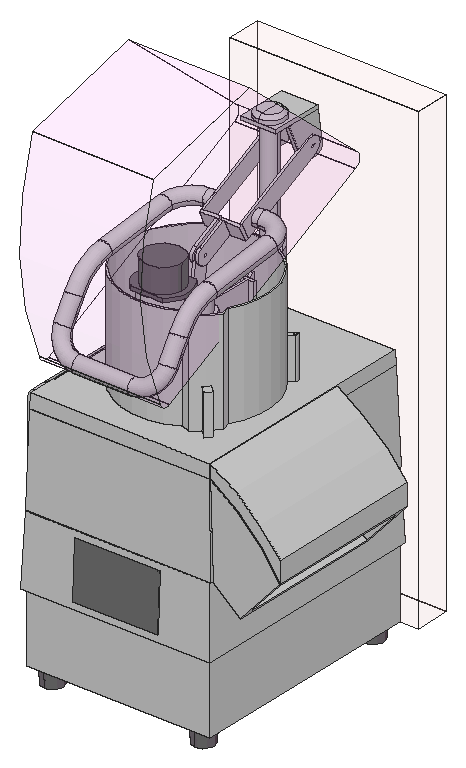
Revit family "Cortadora_CK-48V_1_GENERADO", category Equipos especializados, Revit 2016
Family settings
  Tipo de pieza = Normal
  Cota de conector redondo = Diámetro de uso
  Número OmniClass = 23.21.21.31.15
  Se basa en plano de trabajo = No
  Siempre vertical = Sí
  Corte con vacíos al cargar = No
  Compartido = No
  Punto de cálculo de habitación = No
Parameters
  Width = 0 mm
  Weight in Pounds = 0
  Watts = 0 W
  Volts = 0 V
  URL Cutsheet = ""
  URL = ""
  Specification by Manufacturer = ""
  Show Logo [instance] = yes
  Show Clearances [instance] = yes
  Revision Code = ""
  Phase = 0
  Model = ""
  Height = 0 mm
  HP = ""
  Foodservice Equipment Identifier = yes
  Manufacturer = ""
  FL Amps = 0 A
  Description = ""
  Depth = 0 mm
  Cycle = 0 Hz
  Conn Plug = ""
  Type Comments = ""
Types (4, lengths in mm): name | Width | Weight in Pounds | Watts | Volts | URL Cutsheet | URL | Specification by Manufacturer | Revision Code | Phase | Model | Height | HP | Manufacturer | FL Amps | Description | Depth | Cycle | Conn Plug | Type Comments
  (no name) | 0 | 0 | 0 W | 0 V | "" | "" | "" | "" | 0 | "" | 0 | "" | "" | 0 A | "" | 0 | 0 Hz | "" | ""
  Combi vegetable prep.-cutter CK-48V 230/50-60/1 | 391 | 67.9 | 1500 W | 230 V | "http://www.sammic.com/dl/454811/72a48/ps-en-1050821-combi-ck-48v.pdf" | "https://www.sammic.com/model/1050821" | "It has a variable speed motor block, large-capacity head and 8-lt cutter bowl equipped with a rotor with micro-serrated blades.\nBrushless technology." | "1" | 1 | "1050821" | 652 | "2.01" | "SAMMIC S.L." | 10 A | "Combi vegetable prep.-cutter CK-48V 230/50-60/1" | 400 | 50 Hz | "EU (SCHUKO 2P+G)" | "2 in 1: high capacity vegetable cutter (650 kg/h) + cutter with 8 litre bowl."
  Combi vegetable prep.-cutter CK-48V 120/50-60/1 | 391 | 67.9 | 1500 W | 120 V | "http://www.sammic.com/dl/454812/5b9ab/ps-en-1050822-combi-ck-48v.pdf" | "https://www.sammic.com/model/1050822" | "It has a variable speed motor block, large-capacity head and 8-lt cutter bowl equipped with a rotor with micro-serrated blades.\nBrushless technology." | "1" | 1 | "1050822" | 652 | "2.01" | "SAMMIC S.L." | 15 A | "Combi vegetable prep.-cutter CK-48V 120/50-60/1" | 400 | 60 Hz | "USA (NEMA 5-15P / 2P+G)" | "2 in 1: high capacity vegetable cutter (650 kg/h) + cutter with 8 litre bowl."
  Combi vegetable prep.-cutter CK-48V 230/50-60/1 AUS | 391 | 67.9 | 1500 W | 230 V | "http://www.sammic.com/dl/454813/a198f/ps-en-1050823-combi-ck-48v.pdf" | "https://www.sammic.com/model/1050823" | "It has a variable speed motor block, large-capacity head and 8-lt cutter bowl equipped with a rotor with micro-serrated blades.\nBrushless technology." | "1" | 1 | "1050823" | 652 | "2.01" | "SAMMIC S.L." | 10 A | "Combi vegetable prep.-cutter CK-48V 230/50-60/1 AUS" | 400 | 50 Hz | "AU/NZ (AS 3112 10A / 2P)" | "2 in 1: high capacity vegetable cutter (650 kg/h) + cutter with 8 litre bowl."
Reference planes
  plane 1 "Centro (Frontal/Posterior)": y = 0
  plane 2: z = 0
  plane 3 "Centro (Izquierda/Derecha)": x = 0
  plane 4: x = 357.084
  plane 5: x = -19.1
  plane 6: y = 28.8
  plane 7: through (4267.2, -357.37, 435.938) normal (0, -0.4258, 0.9048)
Forms (mm)
  Extrusion 1, solid
    sketch origin (0, 0, 0) x (1, 0, 0) y (0, 1, 0)
      loop
        line (0, 0) -> (0, -336.5) -> (259.8, -336.5) -> (259.8, 0) -> (0, 0)
    from 21 to 120
  Revolve 2, solid
    sketch origin (23, 0, 0) x (0, 1, 0) y (0, 0, 1)
      loop
        line (-335, 21) -> (-333.5, 0) -> (-319, 0) -> (-319, 21) -> (-335, 21)
      axis (-319, 21) -> (-319, 0)
    angle from 0 to 360
  Revolve 3, solid
    sketch origin (236.8, 0, 0) x (0, 1, 0) y (0, 0, 1)
      loop
        line (-335, 21) -> (-333.5, 0) -> (-319, 0) -> (-319, 21) -> (-335, 21)
      axis (-319, 21) -> (-319, 0)
    angle from 0 to 360
  Revolve 4, solid
    sketch origin (236.8, 301.5, 0) x (0, 1, 0) y (0, 0, 1)
      loop
        line (-335, 21) -> (-333.5, 0) -> (-319, 0) -> (-319, 21) -> (-335, 21)
      axis (-319, 21) -> (-319, 0)
    angle from 0 to 360
  Revolve 5, solid
    sketch origin (23, 301.5, 0) x (0, 1, 0) y (0, 0, 1)
      loop
        line (-335, 21) -> (-333.5, 0) -> (-319, 0) -> (-319, 21) -> (-335, 21)
      axis (-319, 21) -> (-319, 0)
    angle from 0 to 360
  Extrusion 6, solid
    sketch origin (0, 0, 0) x (0, 1, 0) y (0, 0, 1)
      loop
        line (-337.559, 209.463) -> (-338.558, 209.506) -> (-341.99, 129.58) -> (-340.991, 129.537) -> (-337.559, 209.463)
    from 69.9 to 189.9
  Revolve 7, solid
    sketch origin (0, 0, 157) x (1, 0, 0) y (0, 1, 0)
      loop
        line (211.45, 2.8) -> (224.95, 2.8) -> (224.95, 28.8) -> (211.45, 28.8) -> (211.45, 2.8)
      axis (224.95, 28.8) -> (224.95, 2.8)
    angle from 0 to 360
  Extrusion 8, solid
    sketch origin (26.882, -11.283, 5.525) x (1, 0, 0) y (0, 1, 0)
      loop
        circle (103.652, -246.7) r 27.4
    from 510.225 to 549.225
  Extrusion 9, solid
    sketch origin (377.233, -154.331, 5.525) x (0, -1, 0) y (1, 0, 0)
      loop
        arc (74.652, -269.678) -> (103.652, -283.7) -> (132.652, -269.678) r 37
        line (132.652, -269.678) -> (132.652, -223.721)
        arc (132.652, -223.721) -> (103.652, -209.7) -> (74.652, -223.721) r 37
        line (74.652, -223.721) -> (74.652, -269.678)
      loop
        circle (103.652, -246.7) r 27.4
    from 510.225 to 515.225
  Extrusion 10, solid
    sketch origin (0, 0, 0) x (0, 1, 0) y (0, 0, 1)
      loop
        line (-184.25, 195) -> (-184.25, 219) -> (-214.25, 219) -> (-214.25, 195) -> (-211.25, 195) -> (-211.25, 216) -> (-187.25, 216) -> (-187.25, 195) -> (-184.25, 195)
    from -19.1 to -1.647
  Extrusion 11, solid
    sketch origin (0, 0, 0) x (0, 1, 0) y (0, 0, 1)
      loop
        line (-7.849, 596.091) -> (-15.249, 643.55) -> (-66.749, 643.55) -> (-43.086, 590.478)
        arc (-43.086, 590.478) -> (-39.397, 586.162) -> (-33.953, 584.55) r 10
        line (-33.953, 584.55) -> (-17.73, 584.55)
        arc (-17.73, 584.55) -> (-10.133, 588.046) -> (-7.849, 596.091) r 10
      loop
        circle (-28.249, 603.55) r 6.125
    from 150.534 to 155.534
  Extrusion 12, solid
    sketch origin (-45, 0, 0) x (0, 1, 0) y (0, 0, 1)
      loop
        line (-7.849, 596.091) -> (-15.249, 643.55) -> (-66.749, 643.55) -> (-43.086, 590.478)
        arc (-43.086, 590.478) -> (-39.397, 586.162) -> (-33.953, 584.55) r 10
        line (-33.953, 584.55) -> (-17.73, 584.55)
        arc (-17.73, 584.55) -> (-10.133, 588.046) -> (-7.849, 596.091) r 10
      loop
        circle (-28.249, 603.55) r 6.125
    from 150.534 to 155.534
  Extrusion 13, solid
    sketch origin (0, 0, 0) x (0, 1, 0) y (0, 0, 1)
      loop
        line (-88.249, 643.55) -> (-15.249, 643.55) -> (-15.249, 648.55) -> (-88.249, 648.55) -> (-88.249, 643.55)
    from 105.534 to 155.534
  Extrusion 14, solid
    sketch origin (0, 0, 0) x (1, 0, 0) y (0, 1, 0)
      loop
        circle (130.468, -67.749) r 17.5
    from 483.65 to 495.65
  Extrusion 15, solid
    sketch origin (0, 0, 0) x (1, 0, 0) y (0, 1, 0)
      loop
        circle (130.534, -67.749) r 11
    from 495.65 to 643.55
  Revolve 16, solid
    sketch origin (130.468, 0, 0) x (0, 1, 0) y (0, 0, 1)
      loop
        line (-67.749, 658.55) -> (-67.749, 648.55) -> (-47.749, 648.55) -> (-47.749, 653.55) -> (-52.749, 658.55) -> (-67.749, 658.55)
      axis (-67.749, 658.55) -> (-67.749, 648.55)
    angle from 0 to 360
  Extrusion 17, solid
    sketch origin (0, 0, 0) x (0, 1, 0) y (0, 0, 1)
      loop
        arc (-369.948, 444.226) -> (-363.793, 436.882) -> (-354.21, 436.903) r 11.305
        line (-354.21, 436.903) -> (-24.343, 592.126)
        arc (-24.343, 592.126) -> (-16.044, 600.706) -> (-19.741, 612.056) r 11.573
        line (-19.741, 612.056) -> (-211.539, 778.246) -> (-381.288, 735.859)
        arc (-381.288, 735.859) -> (-404.982, 588.901) -> (-369.948, 444.226) r 377.017
    from 45.047 to 216.86
  Extrusion 18, solid
    sketch origin (0, 0, 0) x (0, 1, 0) y (0, 0, 1)
      loop
        line (28.8, 658.55) -> (28.8, 0) -> (78.8, 0) -> (78.8, 658.55) -> (28.8, 658.55)
    from -4.15 to 263.95
Lines and regions (mm)
  symbolic lines, style "200-EquipBorder-2D"
    curve 1: line (238.45, 28.8, 0) -> (211.45, 28.8, 0)
    curve 2: line (211.45, 28.8, 0) -> (211.45, 4.9, 0)
    curve 3: line (211.45, 4.9, 0) -> (-4.15, 4.9, 0)
    curve 4: line (-4.15, 4.9, 0) -> (-4.15, -65.2, 0)
    curve 5: line (-4.15, -65.2, 0) -> (-17.689, -65.2, 0)
    curve 6: line (-17.689, -65.2, 0) -> (-17.689, -85.2, 0)
    curve 7: line (-17.689, -85.2, 0) -> (-4.15, -85.2, 0)
    curve 8: line (-4.15, -85.2, 0) -> (-4.15, -86.2, 0)
    curve 9: line (-4.15, -86.2, 0) -> (-17.689, -86.2, 0)
    curve 10: line (-17.689, -86.2, 0) -> (-17.689, -184.25, 0)
    curve 11: line (-17.689, -184.25, 0) -> (-19.1, -184.25, 0)
    curve 12: line (-19.1, -184.25, 0) -> (-19.1, -214.25, 0)
    curve 13: line (-19.1, -214.25, 0) -> (-17.658, -214.25, 0)
    curve 14: line (-17.658, -214.25, 0) -> (-17.658, -290.7, 0)
    curve 15: line (-17.658, -290.7, 0) -> (-4.15, -290.7, 0)
    curve 16: line (-4.15, -290.7, 0) -> (-4.15, -291.7, 0)
    curve 17: line (-4.15, -291.7, 0) -> (-17.689, -291.7, 0)
    curve 18: line (-17.689, -291.7, 0) -> (-17.689, -311.7, 0)
    curve 19: line (-17.689, -311.7, 0) -> (-4.15, -311.7, 0)
    curve 20: line (-4.15, -311.7, 0) -> (-4.15, -341.4, 0)
    curve 21: line (263.95, -341.4, 0) -> (263.95, -333.216, 0)
    curve 22: line (263.95, -333.216, 0) -> (357.084, -333.216, 0)
    curve 23: line (357.084, -333.216, 0) -> (357.084, -107.816, 0)
    curve 24: line (357.084, -107.816, 0) -> (263.95, -107.816, 0)
    curve 25: line (263.95, -107.816, 0) -> (263.95, 4.9, 0)
    curve 26: line (263.95, 4.9, 0) -> (238.45, 4.9, 0)
    curve 27: line (238.45, 4.9, 0) -> (238.45, 28.8, 0)
    curve 28: line (-4.15, -341.4, 0) -> (45.039, -341.4, 0)
    curve 29: line (263.95, -341.4, 0) -> (216.037, -341.4, 0)
    curve 30: line (90.534, -369.948, 0) -> (170.534, -369.948, 0)
    curve 31: line (45.039, -341.4, 0) -> (58.437, -361.948, 0)
    curve 32: line (58.437, -361.948, 0) -> (90.534, -369.948, 0)
    curve 33: line (216.037, -341.4, 0) -> (170.534, -369.948, 0)
  model lines, style "QF-Door-Drawer_Clearances"
    curve 34: line (45.047, -405.267, 0) -> (216.86, -405.267, 0)
  symbolic lines, style "QF-Clearances"
    curve 35: line (-4.15, 78.8, 0) -> (263.95, 78.8, 0)
Dimensions and locks
  aligned and locked: level to plane 2
Nested families
  nested 1: "Carcasa_CK-35" at (-4.15, 4.9, 0), type "Carcasa_CK-35"
    with Show Logo yes, Show Clearances yes
  nested 2: "CK-35_Cortadora_Entrada" at (0, 0, 0), type "CK-35_Cortadora_Entrada"
    with Show Logo yes, Show Clearances yes
  nested 3: "CA-401_Cortadora_Entrada_Tapa" at (0, 0, 0), type "CA-401_Cortadora_Entrada_Tapa"
    with Show Logo yes, Show Clearances yes
  nested 4: "CA-401_Cortadora_Pisador" at (0, 0, 0), type "CA-401_Cortadora_Pisador"
    with Show Logo yes, Show Clearances yes
  nested 5: "CA-401_Cortadora_Palanca" at (130.534, -209.849, 11.171), type "CA-401_Cortadora_Palanca"
    with Show Logo yes, Show Clearances yes
Connectors
  electrical at (224.95, 2.8, 157)
    settings: on Revolve 7, index 1, voltage 230 V, apparent load 0 VA, apparent load phase1 0 VA, apparent load phase2 0 VA, apparent load phase3 0 VA, power factor 1, load classification "Otro", number of poles 1, system type 31, power factor state 1, is connector primary yes, connector utility no, sub classification motor no, connector description "Conexion electrica"
Definition of nested family "Carcasa_CK-35"
  Parameters
    Show Logo [instance] = yes
    Show Clearances [instance] = yes
  Reference planes
    plane 1 "Centro (Frontal/Posterior)": y = 0
    plane 2: z = 0
    plane 3 "Centro (Izquierda/Derecha)": x = 0
    plane 4: x = 134.05
  Forms (mm)
    Extrusion 1, solid
      sketch origin (0, 0, 0) x (1, 0, 0) y (0, 1, 0)
        loop
          line (0, 0) -> (0, -346.3) -> (268.1, -346.3) -> (268.1, 0) -> (0, 0)
      from 120 to 219
    Extrusion 2, void
      sketch origin (0, 0, 0) x (0, 1, 0) y (0, 0, 1)
        loop
          line (-347.3, 120) -> (-346.3, 120) -> (-342.05, 219) -> (-342.05, 220) -> (-347.3, 220) -> (-347.3, 120)
        loop
          line (0, 120) -> (1, 120) -> (1, 220) -> (-4.25, 220) -> (-4.25, 219) -> (0, 120)
      from 0 to 268.1
    Extrusion 3, void
      sketch origin (0, 0, 0) x (1, 0, 0) y (0, 0, 1)
        loop
          line (-1, 120) -> (0, 120) -> (3.55, 219) -> (3.55, 220) -> (-1, 220) -> (-1, 120)
        loop
          line (268.1, 120) -> (269.1, 120) -> (269.1, 220) -> (264.55, 220) -> (264.55, 219) -> (268.1, 120)
      from 0 to 347.3
    Extrusion 4, solid
      sketch origin (0, 0, 0) x (1, 0, 0) y (0, 1, 0)
        loop
          circle (134.05, -204.15) r 97
      from 219 to 231.5
  Cuts and joins
    Extrusion 2, Extrusion 3 cuts Extrusion 1
  Dimensions and locks
    aligned and locked: level to plane 2
Definition of nested family "CK-35_Cortadora_Entrada"
  Parameters
    Show Logo [instance] = yes
    Show Clearances [instance] = yes
  Reference planes
    plane 1 "Centro (Frontal/Posterior)": y = 0
    plane 2: z = 0
    plane 3 "Centro (Izquierda/Derecha)": x = 0
    plane 4: z = 219
  Forms (mm)
    Extrusion 1, solid
      sketch origin (0, 0, 0) x (1, 0, 0) y (0, 1, 0)
        loop
          line (-1.6, 0.5) -> (-1.6, -337) -> (261.4, -337) -> (261.4, 0.5) -> (-1.6, 0.5)
      from 219 to 348
    Extrusion 2, void
      sketch origin (0, 0, 0) x (1, 0, 0) y (0, 0, 1)
        loop
          line (2.9, 367.3) -> (2.9, 368.3) -> (-2.6, 368.3) -> (-2.6, 218) -> (-1.6, 218) -> (-1.6, 219) -> (2.9, 367.3)
        loop
          line (256.9, 368.3) -> (256.9, 367.3) -> (261.4, 219) -> (261.4, 218) -> (262.4, 218) -> (262.4, 368.3) -> (256.9, 368.3)
      from 0 to 337
    Extrusion 3, void
      sketch origin (0, 0, 0) x (0, 1, 0) y (0, 0, 1)
        loop
          line (-332.65, 367.3) -> (-332.65, 368.3) -> (-338, 368.3) -> (-338, 218) -> (-337, 218) -> (-337, 219) -> (-332.65, 367.3)
        loop
          line (-3.85, 367.3) -> (0, 219) -> (0, 218) -> (1.5, 218) -> (1.5, 368.3) -> (-3.85, 368.3) -> (-3.85, 367.3)
      from -1.6 to 261.4
    Extrusion 4, solid
      sketch origin (0, 0, 0) x (1, 0, 0) y (0, 0, 1)
        loop
          line (261.4, 219) -> (301, 185.8) -> (357.084, 248.401)
          arc (357.084, 248.401) -> (313.501, 304.417) -> (257.486, 348) r 286.5
          line (257.486, 348) -> (261.4, 219)
      from 107.816 to 333.216
    Extrusion 5, void
      sketch origin (0, 0, 0) x (1, 0, 0) y (0, 0, 1)
        loop
          line (262.77, 338.706) -> (266.33, 221.392) -> (308.172, 186.312) -> (356.653, 240.426)
          arc (356.653, 240.426) -> (315.239, 294.846) -> (262.77, 338.706) r 305.9
      from 112.816 to 328.216
    Extrusion 6, solid
      sketch origin (0, 0, 0) x (1, 0, 0) y (0, 0, 1)
        loop
          line (-0.426, 257.7) -> (2.314, 348)
          arc (2.314, 348) -> (-7.687, 358.002) -> (-17.689, 348) r 10.002
          line (-17.689, 348) -> (-17.689, 282.8) -> (-0.426, 257.7)
        loop
          circle (-7.687, 348) r 5
      from 291.7 to 311.7
    Extrusion 7, solid
      sketch origin (0, 231.5, 0) x (1, 0, 0) y (0, 0, 1)
        loop
          line (-0.426, 257.7) -> (2.314, 348)
          arc (2.314, 348) -> (-7.687, 358.002) -> (-17.689, 348) r 10.002
          line (-17.689, 348) -> (-17.689, 282.8) -> (-0.426, 257.7)
        loop
          circle (-7.687, 348) r 5
      from 296.7 to 316.7
  Cuts and joins
    Extrusion 2, Extrusion 3 cuts Extrusion 1
    Extrusion 5 cuts Extrusion 4
  Dimensions and locks
    aligned and locked: level to plane 2
Definition of nested family "CA-401_Cortadora_Entrada_Tapa"
  Parameters
    Show Logo [instance] = yes
    Show Clearances [instance] = yes
  Reference planes
    plane 1 "Centro (Frontal/Posterior)": y = 0
    plane 2: z = 0
    plane 3 "Centro (Izquierda/Derecha)": x = 0
    plane 4: z = 348
    plane 5: y = -198.591
    plane 6: x = 130.468
  Forms (mm)
    Extrusion 1, solid
      sketch origin (0, 0, 0) x (1, 0, 0) y (0, 1, 0)
        loop
          line (-1.6, 0.5) -> (-1.6, -337) -> (261.4, -337) -> (261.4, 0.5) -> (-1.6, 0.5)
      from 348 to 367.3
    Extrusion 2, void
      sketch origin (0, 0, 0) x (1, 0, 0) y (0, 0, 1)
        loop
          line (2.9, 367.3) -> (2.9, 368.3) -> (-2.6, 368.3) -> (-2.6, 218) -> (-1.6, 218) -> (-1.6, 219) -> (2.9, 367.3)
        loop
          line (256.9, 368.3) -> (256.9, 367.3) -> (261.4, 219) -> (261.4, 218) -> (262.4, 218) -> (262.4, 368.3) -> (256.9, 368.3)
      from 0 to 337
    Extrusion 3, void
      sketch origin (0, 0, 0) x (0, 1, 0) y (0, 0, 1)
        loop
          line (-332.65, 367.3) -> (-332.65, 368.3) -> (-338, 368.3) -> (-338, 348) -> (-337, 348) -> (-337, 219) -> (-332.65, 367.3)
        loop
          line (-3.85, 367.3) -> (0, 219) -> (0, 218) -> (1.5, 218) -> (1.5, 368.3) -> (-3.85, 368.3) -> (-3.85, 367.3)
      from -1.6 to 261.4
    Extrusion 4, solid
      sketch origin (0, 0, 0) x (1, 0, 0) y (0, 0, 1)
        loop
          line (256.9, 367.3) -> (257.486, 348)
          arc (257.486, 348) -> (313.501, 304.417) -> (357.084, 248.401) r 286.5
          line (357.084, 248.401) -> (357.084, 278.8)
          arc (357.084, 278.8) -> (311.937, 328.648) -> (256.9, 367.3) r 302.8
      from 107.816 to 332.65
    Extrusion 5, solid
      sketch origin (0, 0, 0) x (1, 0, 0) y (0, 0, 1)
        loop
          line (2.9, 367.3) -> (-13.313, 356.269)
          arc (-13.313, 356.269) -> (-12.365, 339.16) -> (2.314, 348) r 10.002
          line (2.314, 348) -> (2.9, 367.3)
        loop
          circle (-7.687, 348) r 5
      from 86.2 to 290.7
    Extrusion 6, solid
      sketch origin (0, 0, 0) x (1, 0, 0) y (0, 1, 0)
        loop
          arc (191.103, -287.292) -> (205.777, -275.226) -> (218.097, -260.765) r 107.445
          line (218.097, -260.765) -> (215.183, -249.496)
          arc (215.183, -249.496) -> (61.195, -128.099) -> (179.886, -284.181) r 98.832
          line (179.886, -284.181) -> (191.103, -287.292)
        loop
          arc (216.86, -249.939) -> (60.026, -126.909) -> (180.301, -285.866) r 100.5
          line (180.301, -285.866) -> (192.689, -289.302)
          arc (192.689, -289.302) -> (207.568, -277.049) -> (220.079, -262.387) r 110
          line (220.079, -262.387) -> (216.86, -249.939)
      from 367.3 to 513.684
    Extrusion 7, solid
      sketch origin (0, 0, 0) x (1, 0, 0) y (0, 1, 0)
        loop
          circle (130.468, -67.749) r 12.1
        loop
          line (126.449, -84.346) -> (126.449, -98.171)
          arc (126.449, -98.171) -> (130.468, -98.091) -> (134.486, -98.171) r 100.5
          line (134.486, -98.171) -> (134.486, -84.346)
          arc (134.486, -84.346) -> (130.468, -50.673) -> (126.449, -84.346) r 17.076
        loop
          circle (211.568, -124.276) r 2.009
        loop
          line (208.848, -121.308) -> (201.785, -127.78)
          arc (201.785, -127.78) -> (204.564, -130.694) -> (207.225, -133.717) r 100.5
          line (207.225, -133.717) -> (214.288, -127.244)
          arc (214.288, -127.244) -> (214.536, -121.556) -> (208.848, -121.308) r 4.026
        loop
          line (214.656, -291.323) -> (221.848, -284.131) -> (211.115, -273.398)
          arc (211.115, -273.398) -> (207.57, -277.046) -> (203.86, -280.527) r 110
          line (203.86, -280.527) -> (214.656, -291.323)
      from 367.3 to 424.3
  Cuts and joins
    Extrusion 2, Extrusion 3 cuts Extrusion 1
  Dimensions and locks
    aligned and locked: level to plane 2
Definition of nested family "CA-401_Cortadora_Pisador"
  Parameters
    Show Logo [instance] = yes
    Show Clearances [instance] = yes
  Reference planes
    plane 1 "Centro (Frontal/Posterior)": y = 0
    plane 2: z = 0
    plane 3 "Centro (Izquierda/Derecha)": x = 0
  Forms (mm)
    Extrusion 1, solid
      sketch origin (0, 0, 0) x (1, 0, 0) y (0, 1, 0)
        loop
          arc (146.25, -220.283) -> (148.839, -218.139) -> (151.14, -215.687) r 26.826
          arc (151.14, -215.687) -> (154.034, -214.24) -> (157.051, -215.408) r 4
          line (157.051, -215.408) -> (201.569, -259.925)
          arc (201.569, -259.925) -> (64.747, -131.524) -> (190.349, -270.92) r 93.9
          line (190.349, -270.92) -> (161.416, -241.988)
          arc (161.416, -241.988) -> (155.088, -233.321) -> (146.421, -226.993) r 34.818
          line (146.421, -226.993) -> (145.775, -226.346)
          arc (145.775, -226.346) -> (144.615, -223.205) -> (146.25, -220.283) r 4
        loop
          circle (130.52, -257.976) r 27.619
      from 367.3 to 375.3
    Extrusion 2, solid
      sketch origin (0, 0, 0) x (1, 0, 0) y (0, 1, 0)
        loop
          circle (130.52, -257.976) r 27.603
        loop
          circle (130.534, -257.94) r 30.298
      from 380.15 to 515.75
    Extrusion 3, solid
      sketch origin (0, 0, 0) x (1, 0, 0) y (0, 1, 0)
        loop
          arc (129.004, -174.026) -> (130.468, -223.2) -> (131.932, -174.026) r 24.609
          line (131.932, -174.026) -> (131.932, -108.629) -> (139.817, -108.629) -> (139.817, -105.143)
          arc (139.817, -105.143) -> (130.467, -104.691) -> (121.118, -105.173) r 93.859
          line (121.118, -105.173) -> (121.118, -108.629) -> (129.004, -108.629) -> (129.004, -174.026)
      from 380.15 to 459.15
    Extrusion 4, solid
      sketch origin (0, 0, 0) x (1, 0, 0) y (0, 1, 0)
        loop
          arc (201.702, -259.993) -> (64.757, -131.545) -> (190.45, -271.022) r 93.961
          line (190.45, -271.022) -> (161.416, -241.988)
          arc (161.416, -241.988) -> (155.088, -233.321) -> (146.421, -226.993) r 34.818
          line (146.421, -226.993) -> (145.773, -226.345)
          arc (145.773, -226.345) -> (144.614, -223.203) -> (146.251, -220.28) r 4
          arc (146.251, -220.28) -> (148.855, -218.124) -> (151.167, -215.656) r 26.743
          arc (151.167, -215.656) -> (154.061, -214.205) -> (157.081, -215.372) r 4
          line (157.081, -215.372) -> (201.702, -259.993)
        loop
          circle (130.52, -257.976) r 27.603
        loop
          circle (130.407, -257.983) r 30.432
        loop
          arc (144.983, -218.571) -> (147.392, -216.576) -> (149.529, -214.293) r 24.7
          arc (149.529, -214.293) -> (153.871, -212.115) -> (158.403, -213.865) r 6
          line (158.403, -213.865) -> (201.771, -257.233)
          arc (201.771, -257.233) -> (216.489, -232.097) -> (222.634, -203.625) r 92.237
          line (222.634, -203.625) -> (209.099, -203.625) -> (209.099, -193.557) -> (222.628, -193.557)
          arc (222.628, -193.557) -> (204.155, -143.081) -> (160.679, -111.474) r 92.237
          line (160.679, -111.474) -> (144.728, -111.474) -> (139.817, -108.629) -> (121.118, -108.629) -> (116.208, -111.474) -> (100.386, -111.474)
          arc (100.386, -111.474) -> (56.91, -143.08) -> (38.436, -193.557) r 92.237
          line (38.436, -193.557) -> (51.837, -193.557) -> (51.837, -203.625) -> (38.43, -203.625)
          arc (38.43, -203.625) -> (92.55, -282.698) -> (187.66, -271.06) r 92.237
          line (187.66, -271.06) -> (163.484, -246.884) -> (159.568, -242.968)
          arc (159.568, -242.968) -> (153.6, -234.79) -> (145.421, -228.821) r 32.8
          line (145.421, -228.821) -> (144.267, -227.668)
          arc (144.267, -227.668) -> (142.528, -222.954) -> (144.983, -218.571) r 6
      from 375.3 to 380.15
    Extrusion 5, solid
      sketch origin (0, 0, 225) x (1, 0, 0) y (0, 1, 0)
        loop
          circle (130.468, -67.749) r 12.1
        loop
          circle (130.468, -67.749) r 17.076
      from 199.3 to 258.65
    Extrusion 6, solid
      sketch origin (0, 0, 0) x (1, 0, 0) y (0, 0, 1)
        loop
          line (51.837, 380.15) -> (51.837, 375.3) -> (105.859, 375.3) -> (105.859, 401.3) -> (51.837, 380.15)
        loop
          line (155.077, 401.3) -> (155.077, 375.3) -> (209.099, 375.3) -> (209.099, 380.15) -> (155.077, 401.3)
      from 196.083 to 201.091
    Extrusion 7, solid
      sketch origin (0, 0, 0) x (0, 1, 0) y (0, 0, 1)
        loop
          line (-84.826, 483.65) -> (-104.656, 459.15) -> (-104.656, 424.3) -> (-84.826, 424.3) -> (-84.826, 483.65)
      from 127.968 to 132.968
    Revolve 8, solid
      sketch origin (130.468, 0, 0) x (0, 1, 0) y (0, 0, 1)
        loop
          line (-217.613, 459.15) -> (-198.613, 459.15) -> (-198.613, 483.65) -> (-213.113, 483.65) -> (-213.113, 478.65) -> (-217.613, 478.65) -> (-217.613, 459.15)
        axis (-198.613, 483.65) -> (-198.613, 459.15)
      angle from 0 to 360
    Extrusion 9, void
      sketch origin (130.468, 0, 459.15) x (1, 0, 0) y (0, 1, 0)
        loop
          line (-2.4, -213.313) -> (2.4, -213.313) -> (2.4, -183.913) -> (-2.4, -183.913) -> (-2.4, -213.313)
      from 19.5 to 25
  Cuts and joins
    Extrusion 9 cuts Revolve 8
  Dimensions and locks
    aligned and locked: level to plane 2
Definition of nested family "CA-401_Cortadora_Palanca"
  Parameters
    Show Logo [instance] = yes
    Show Clearances [instance] = yes
  Reference planes
    plane 1 "Centro (Frontal/Posterior)": y = 0
    plane 2: z = 0
    plane 3 "Centro (Izquierda/Derecha)": x = 0
  Forms (mm)
    Sweep 1, solid
      path origin (0, -112.778, 496.845) x (1, 0, 0) y (0, 0.510843, 0.859674)
        loop
          line (-74.5, 0) -> (-74.5, -36.14)
          arc (-74.5, -36.14) -> (-64.249, -60.889) -> (-39.5, -71.14) r 35
          line (-39.5, -71.14) -> (39.5, -71.14)
          arc (39.5, -71.14) -> (64.249, -60.889) -> (74.5, -36.14) r 35
          line (74.5, -36.14) -> (74.5, 0)
      profile origin (-74.5, -122.009, 481.31) x (1, 0, 0) y (0, -0.859674, 0.510843)
        loop
          circle (0, 0) r 11
    Sweep 2, solid
      path origin (0, -59.918, 530.702) x (1, 0, 0) y (0, 0.994522, 0.104528)
        loop
          line (-74.5, 0) -> (-74.5, 107.8)
          arc (-74.5, 107.8) -> (-64.249, 132.549) -> (-39.5, 142.8) r 35
          line (-39.5, 142.8) -> (-29, 142.8)
      profile origin (-74.5, -6.313, 536.336) x (-1, 0, 0) y (0, -0.104528, 0.994522)
        loop
          circle (0, 0) r 11
    Sweep 3, solid
      path origin (0, -59.918, 530.702) x (1, 0, 0) y (0, 0.994522, 0.104528)
        loop
          line (74.5, 0) -> (74.5, 107.8)
          arc (74.5, 107.8) -> (64.249, 132.549) -> (39.5, 142.8) r 35
          line (39.5, 142.8) -> (29, 142.8)
      profile origin (74.5, -6.313, 536.336) x (-1, 0, 0) y (0, -0.104528, 0.994522)
        loop
          circle (0, 0) r 11
    Sweep 4, solid
      path origin (0, -90.356, 520.031) x (0, 0.842076, 0.539359) y (0, -0.539359, 0.842076)
        loop
          arc (31.387, -7.431) -> (0, 0) -> (-31.387, -7.431) r 70
      profile origin (0, -90.356, 520.031) x (0, 0.539359, -0.842076) y (1, 0, 0)
        loop
          circle (0, 74.5) r 11
    Sweep 5, solid
      path origin (-149, -90.356, 520.031) x (0, 0.842076, 0.539359) y (0, -0.539359, 0.842076)
        loop
          arc (31.387, -7.431) -> (0, 0) -> (-31.387, -7.431) r 70
      profile origin (-149, -90.356, 520.031) x (0, 0.539359, -0.842076) y (1, 0, 0)
        loop
          circle (0, 74.5) r 11
    Extrusion 6, solid
      sketch origin (0, -575.044, 554.813) x (0, 0.165564, 0.986199) y (0, -0.986199, 0.165564)
        loop
          line (10, -602.379) -> (60, -602.379)
          arc (60, -602.379) -> (70, -592.379) -> (60, -582.379) r 10
          line (60, -582.379) -> (10, -582.379)
          arc (10, -582.379) -> (0, -592.379) -> (10, -602.379) r 10
        loop
          circle (10, -592.379) r 3
        loop
          circle (60, -592.379) r 5
      from -2 to 2
    Extrusion 7, solid
      sketch origin (0, -68.813, 1129.231) x (1, 0, 0) y (0, -0.904827, -0.425779)
        loop
          line (-29, 138.7) -> (-29, 134.7) -> (-2, 134.7) -> (-2, 138.7) -> (-29, 138.7)
      from 580.379 to 604.379
    Extrusion 8, solid
      sketch origin (31, -68.813, 1129.231) x (1, 0, 0) y (0, -0.904827, -0.425779)
        loop
          line (-29, 138.7) -> (-29, 134.7) -> (-2, 134.7) -> (-2, 138.7) -> (-29, 138.7)
      from 580.379 to 604.379
    Extrusion 9, solid
      sketch origin (31, -68.813, 1129.231) x (0, -0.904827, -0.425779) y (0, 0.425779, -0.904827)
        loop
          line (138.7, 604.379) -> (138.7, 580.379) -> (181.6, 580.379)
          arc (181.6, 580.379) -> (193.6, 592.379) -> (181.6, 604.379) r 12
          line (181.6, 604.379) -> (138.7, 604.379)
        loop
          circle (181.6, 592.379) r 3
      from -29 to -25
    Extrusion 10, solid
      sketch origin (23, -68.813, 1129.231) x (0, -0.904827, -0.425779) y (0, 0.425779, -0.904827)
        loop
          line (138.7, 604.379) -> (138.7, 580.379) -> (181.6, 580.379)
          arc (181.6, 580.379) -> (193.6, 592.379) -> (181.6, 604.379) r 12
          line (181.6, 604.379) -> (138.7, 604.379)
        loop
          circle (181.6, 592.379) r 3
      from -29 to -25
    Extrusion 11, solid
      sketch origin (31, -68.813, 1129.231) x (0, -0.904827, -0.425779) y (0, 0.425779, -0.904827)
        loop
          line (134.7, 604.379) -> (2, 604.379)
          arc (2, 604.379) -> (-10, 592.379) -> (2, 580.379) r 12
          line (2, 580.379) -> (134.7, 580.379) -> (134.7, 604.379)
        loop
          circle (2, 592.379) r 3
      from -6 to -2
    Extrusion 12, solid
      sketch origin (-23, -68.813, 1129.231) x (0, -0.904827, -0.425779) y (0, 0.425779, -0.904827)
        loop
          line (134.7, 604.379) -> (2, 604.379)
          arc (2, 604.379) -> (-10, 592.379) -> (2, 580.379) r 12
          line (2, 580.379) -> (134.7, 580.379) -> (134.7, 604.379)
        loop
          circle (2, 592.379) r 3
      from -6 to -2
  Dimensions and locks
    aligned and locked: level to plane 2
